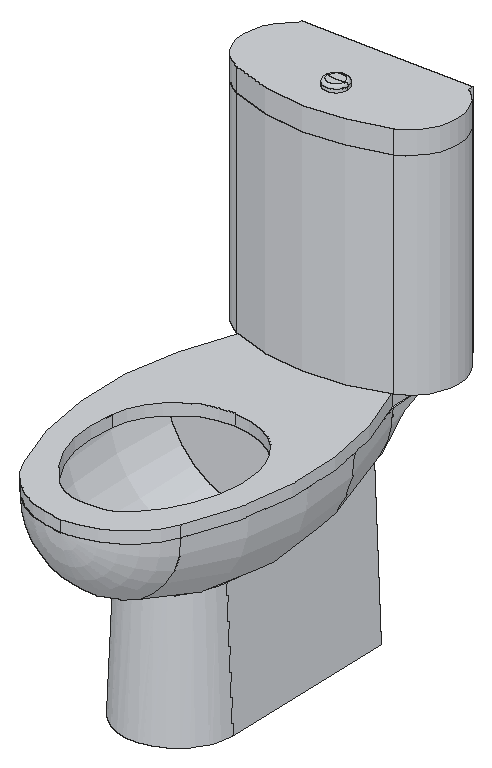
Revit family
Parameters (values of type "540 x 360mm")
  Material = none
  Manufacturer = "Revit"
  Button Material = none
  Assembly Code = ""
Reference planes
  plane 1 "Center (Front/Back)": y = 0
  plane 2: z = 0
  plane 3 "Center (Left/Right)": x = 0
Forms (mm)
  Revolve 1, solid, material <- "Material"
    sketch origin (0, 0, 390) x (1, 0, 0) y (0, 1, 0)
      loop
        arc (-174.247, -124.9) -> (-179.514, -290.639) -> (-135.875, -450.617) r 558.391
        arc (-135.875, -450.617) -> (-81.121, -515.376) -> (0, -540.098) r 150.021
        line (0, -540.098) -> (0, -520.097)
        arc (0, -520.097) -> (-70.198, -498.622) -> (-117.576, -442.547) r 130.021
        arc (-117.576, -442.547) -> (-159.862, -286.482) -> (-153.903, -124.9) r 538.391
        line (-153.903, -124.9) -> (-174.247, -124.9)
      axis (0, -540.098) -> (0, -124.9)
    angle from 0 to 180
  Extrusion 2, solid, material <- "Material"
    sketch origin (0, 0, 410) x (1, 0, 0) y (0, 1, 0)
      loop
        arc (-132.482, 7.542) -> (-183.334, -221.173) -> (-135.875, -450.617) r 558.391
        arc (-135.875, -450.617) -> (-81.121, -515.376) -> (0, -540.098) r 150.021
        arc (0, -540.098) -> (81.121, -515.376) -> (135.875, -450.617) r 150.021
        arc (135.875, -450.617) -> (183.334, -221.173) -> (132.482, 7.542) r 558.391
        line (132.482, 7.542) -> (132.482, 87.423) -> (0, 87.423) -> (-132.482, 87.423) -> (-132.482, 7.542)
      loop
        arc (0, -164.798) -> (-83.195, -195.45) -> (-126.613, -272.753) r 128.221
        arc (-126.613, -272.753) -> (-119.024, -374.181) -> (-66.602, -461.341) r 219.88
        arc (-66.602, -461.341) -> (-36.05, -480.987) -> (0, -485.429) r 81.602
        arc (0, -485.429) -> (36.05, -480.987) -> (66.602, -461.341) r 81.602
        arc (66.602, -461.341) -> (119.024, -374.181) -> (126.613, -272.753) r 219.88
        arc (126.613, -272.753) -> (115.473, -237.275) -> (94.621, -206.485) r 128.221
        arc (94.621, -206.485) -> (51.698, -175.681) -> (0, -164.798) r 128.221
    from -20 to 0
  Blend 3, solid, material <- "Material"
    base sketch origin (0, -124.9, 390) x (0, 0, -1) y (-1, 0, 0)
      loop
        line (0, 174.247) -> (0, -174.247)
        arc (0, -174.247) -> (174.247, 0) -> (0, 174.247) r 174.247
    top sketch origin (0, -124.9, 390) x (0, 0, -1) y (-1, 0, 0)
      loop
        line (0, 135.875) -> (0, -135.875)
        spline (0, -135.875) -> (37.529, -131.246) -> (72.5, -117.672) -> (102.53, -96.078) -> (125.574, -67.938) -> (140.059, -35.167) -> (145, 0) -> (140.059, 35.167) -> (125.574, 67.938) -> (102.53, 96.078) -> (72.5, 117.672) -> (37.529, 131.246) -> (0, 135.875)
    from 0 to 129.257
  Extrusion 4, solid, material <- "Material"
    sketch origin (0, 0, 410) x (1, 0, 0) y (0, 1, 0)
      loop
        line (0, 162.875) -> (-146.877, 162.875) -> (-146.877, 153.955)
        arc (-146.877, 153.955) -> (-185.074, 77.593) -> (-135.217, 8.279) r 82.528
        arc (-135.217, 8.279) -> (0, -19.38) -> (135.217, 8.279) r 344.338
        arc (135.217, 8.279) -> (185.074, 77.593) -> (146.877, 153.955) r 82.528
        line (146.877, 153.955) -> (146.877, 162.875) -> (0, 162.875)
    from 0 to 370
  Extrusion 5, solid, material <- "Material"
    sketch origin (0, 0, 770) x (1, 0, 0) y (0, 1, 0)
      loop
        line (0, 162.875) -> (-146.877, 162.875) -> (-146.877, 153.955)
        arc (-146.877, 153.955) -> (-185.074, 77.593) -> (-135.217, 8.279) r 82.528
        arc (-135.217, 8.279) -> (0, -19.38) -> (135.217, 8.279) r 344.338
        arc (135.217, 8.279) -> (185.074, 77.593) -> (146.877, 153.955) r 82.528
        line (146.877, 153.955) -> (146.877, 162.875) -> (0, 162.875)
    from 10 to 50
  Sweep 6, solid, material <- "Material"
    path origin (0, 0, 0) x (1, 0, 0) y (0, 1, 0)
      loop
        line (-81.095, 30.427) -> (-81.095, -289.573)
        arc (-81.095, -289.573) -> (0, -370.668) -> (81.095, -289.573) r 81.095
        line (81.095, -289.573) -> (81.095, 30.427)
    profile origin (0, -129.573, 0) x (1, 0, 0) y (0, 0, 1)
      loop
        line (-95, 0) -> (-61.095, 0) -> (-61.095, 325.717) -> (-81.095, 325.717) -> (-95, 0)
  Blend 7, solid, material <- "Material"
    base sketch origin (0, 4.356, 390) x (0, 0, -1) y (-1, 0, 0)
      loop
        arc (0, -135.875) -> (143.585, 0) -> (0, 135.875) r 136.082
        line (0, 135.875) -> (0, -135.875)
    top sketch origin (0, 4.356, 390) x (0, 0, -1) y (-1, 0, 0)
      loop
        arc (0, -132.482) -> (58.66, 0) -> (0, 132.482) r 178.934
        line (0, 132.482) -> (0, -132.482)
    from 0 to 83.067
  Revolve 8, void
    sketch origin (0, 0, 390) x (1, 0, 0) y (0, 1, 0)
      loop
        arc (-133.932, 4.356) -> (-183.344, -222.923) -> (-135.875, -450.617) r 558.391
        arc (-135.875, -450.617) -> (-81.121, -515.376) -> (0, -540.098) r 150.021
        line (0, -540.098) -> (0, 4.356) -> (-133.932, 4.356)
      axis (0, -540.098) -> (0, 4.356)
    angle from 0 to 180
  Revolve 9, solid, material <- "Button Material", detail levels medium+fine
    sketch origin (0, 52.458, 0) x (1, 0, 0) y (0, 0, 1)
      loop
        line (0, 820) -> (0, 830) -> (-15, 830)
        arc (-15, 830) -> (-18.536, 828.536) -> (-20, 825) r 5
        line (-20, 825) -> (-20, 820) -> (0, 820)
      axis (0, 830) -> (0, 820)
    angle from 0 to 360
Cuts and joins
  Revolve 8 cuts Sweep 6
Lines and regions (mm)
  symbolic lines, detail levels medium+fine
    curve 1: arc (21.531, 51.583, 0) -> (0.645, 72.468, 0) -> (-20.24, 51.583, 0) r 20.885
    curve 2: arc (-20.24, 51.583, 0) -> (0.645, 30.698, 0) -> (21.531, 51.583, 0) r 20.885
    curve 9: arc (-80.999, -102.539, 0) -> (-73.169, -94.71, 0) -> (-65.34, -102.539, 0) r 7.83
    curve 10: arc (-80.999, -102.539, 0) -> (-73.169, -110.369, 0) -> (-65.34, -102.539, 0) r 7.83
    curve 11: arc (66.958, -102.539, 0) -> (74.788, -110.369, 0) -> (82.618, -102.539, 0) r 7.83
    curve 12: arc (66.958, -102.539, 0) -> (74.788, -94.71, 0) -> (82.618, -102.539, 0) r 7.83
  symbolic lines
    curve 3: line (-30.78, -255.357, 0) -> (30.78, -255.357, 0)
    curve 4: line (30.78, -255.357, 0) -> (43.112, -267.689, 0)
    curve 5: arc (43.112, -267.689, 0) -> (56.291, -291.025, 0) -> (55.525, -317.815, 0) r 50
    curve 6: arc (55.525, -317.815, 0) -> (0.001, -358.765, 0) -> (-55.525, -317.818, 0) r 58.12
    curve 7: arc (-55.525, -317.818, 0) -> (-56.292, -291.027, 0) -> (-43.113, -267.689, 0) r 50
    curve 8: line (-43.113, -267.689, 0) -> (-30.78, -255.357, 0)
    curve 13: arc (-146.877, 153.955, 0) -> (-185.074, 77.593, 0) -> (-135.217, 8.279, 0) r 82.528
    curve 14: arc (-135.217, 8.279, 0) -> (0, -19.38, 0) -> (135.217, 8.279, 0) r 344.338
    curve 15: arc (135.217, 8.279, 0) -> (185.074, 77.593, 0) -> (146.877, 153.955, 0) r 82.528
    curve 16: line (146.877, 153.955, 0) -> (146.877, 162.875, 0)
    curve 17: line (146.877, 162.875, 0) -> (0, 162.875, 0)
    curve 18: line (0, 162.875, 0) -> (-146.877, 162.875, 0)
    curve 19: line (-146.877, 162.875, 0) -> (-146.877, 153.955, 0)
    curve 20: arc (-132.482, 7.542, 0) -> (-183.334, -221.173, 0) -> (-135.875, -450.617, 0) r 558.391
    curve 21: arc (-135.875, -450.617, 0) -> (-81.121, -515.376, 0) -> (0, -540.098, 0) r 150.021
    curve 22: arc (0, -540.098, 0) -> (81.121, -515.376, 0) -> (135.875, -450.617, 0) r 150.021
    curve 23: arc (135.875, -450.617, 0) -> (183.334, -221.173, 0) -> (132.482, 7.542, 0) r 558.391
    curve 24: arc (-66.602, -461.341, 0) -> (-119.024, -374.181, 0) -> (-126.613, -272.753, 0) r 219.88
    curve 25: arc (-126.613, -272.753, 0) -> (-83.195, -195.45, 0) -> (0, -164.798, 0) r 128.221
    curve 26: arc (0, -164.798, 0) -> (51.698, -175.681, 0) -> (94.621, -206.485, 0) r 128.221
    curve 27: arc (94.621, -206.485, 0) -> (115.473, -237.275, 0) -> (126.613, -272.753, 0) r 128.221
    curve 28: arc (126.613, -272.753, 0) -> (119.024, -374.181, 0) -> (66.602, -461.341, 0) r 219.88
    curve 29: arc (66.602, -461.341, 0) -> (36.05, -480.987, 0) -> (0, -485.429, 0) r 81.602
    curve 30: arc (0, -485.429, 0) -> (-36.05, -480.987, 0) -> (-66.602, -461.341, 0) r 81.602
Dimensions and locks
  aligned and locked: Extrusion 2 to Revolve 1
